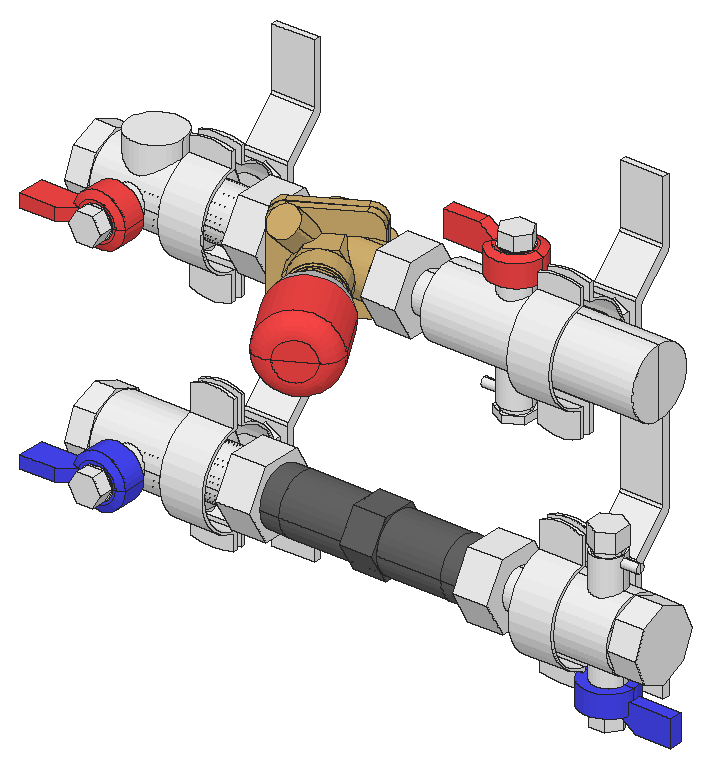
Revit family "AB-PM_DN15-20_Rack Set_RFA_1", category Pipe Accessories, Revit 2019 (continued)
Definition of nested family "Valve_R_T_End"
  Definition of nested family "Valve_Handle_R_B_End"
    Forms (mm)
      Revolve 1, solid, material <- "Material", visible <- "LOD 200", detail levels fine
        sketch origin (0, 0, 0) x (1, 0, 0) y (0, 0, 1)
          axis (0, 0) -> (0, 12.2)
        angle from 0 to 360
      Revolve 2, solid, material <- "Material", visible <- "LOD 350", detail levels fine
        sketch origin (0, 0, 0) x (1, 0, 0) y (0, 0, 1)
          loop
            line (0, 12.2) -> (-8.961, 12.2) -> (-12.3, 10.362) -> (-12.3, 0) -> (0, 0) -> (0, 12.2)
          axis (0, 0) -> (0, 12.2)
        angle from 0 to 360
      Extrusion 3, solid, material <- "Material", visible <- "20_200", detail levels fine
        sketch origin (0, 0, 0) x (1, 0, 0) y (0, 0, 1)
          loop
            line (0, 4.5) -> (31.819, 4.5) -> (31.819, 17) -> (12.3, 12.2) -> (0, 12.2) -> (0, 4.5)
        from -3 to 3
      Extrusion 4, solid, material <- "Material", visible <- "15_200", detail levels fine
        sketch origin (0, 0, 0) x (1, 0, 0) y (0, 0, 1)
          loop
            line (-31.976, 4.5) -> (0, 4.5) -> (0, 12.2) -> (-12.877, 12.2) -> (-31.976, 16.987) -> (-31.976, 4.5)
        from -3 to 3
      Extrusion 5, solid, material <- "Material", visible <- "20_350", detail levels fine
        sketch origin (0, 0, 0) x (1, 0, 0) y (0, 0, 1)
          loop
            line (0, 4.5) -> (31.819, 4.5) -> (31.819, 17) -> (15.397, 17) -> (8.197, 12.2) -> (0, 12.2) -> (0, 4.5)
        from -3 to 3
      Extrusion 6, solid, material <- "Material", visible <- "15_350", detail levels fine
        sketch origin (0, 0, 0) x (1, 0, 0) y (0, 0, 1)
          loop
            line (-31.976, 4.5) -> (0, 4.5) -> (0, 12.2) -> (-8.385, 12.2) -> (-15.566, 16.987) -> (-31.976, 16.987) -> (-31.976, 4.5)
        from -3 to 3
    Dimensions and locks
      "l1": plane 3 "Center (Left/Right)" to Revolve 1 sketch curve
      "h1": Revolve 1 sketch curve to level
      "l1": plane 3 "Center (Left/Right)" to Revolve 2 sketch curve
      "h1": Revolve 2 sketch curve to level
      aligned and locked: level to plane 2
      aligned and locked: plane 3 "Center (Left/Right)" to Revolve 1 sketch curve
      aligned and locked: Revolve 1 sketch curve to plane 3 "Center (Left/Right)"
      aligned and locked: Revolve 1 sketch curve to level
    Automatic sketch dimensions
      level to Extrusion 6 sketch curve = 12.2 mm
      Extrusion 6 sketch curve to plane 3 "Center (Left/Right)" = 0 mm
      Extrusion 6 sketch curve to plane 3 "Center (Left/Right)" = 8.385 mm
      Extrusion 6 sketch curve to Extrusion 6 sketch curve = 7.181 mm
      level to Extrusion 6 sketch curve = 4.5 mm
      Extrusion 6 sketch curve to Extrusion 6 sketch curve = 16.41 mm
      Extrusion 6 sketch curve to Extrusion 6 sketch curve = 4.787 mm
      Extrusion 4 sketch curve to plane 3 "Center (Left/Right)" = 0 mm
      level to Extrusion 4 sketch curve = 4.5 mm
      Extrusion 4 sketch curve to Extrusion 4 sketch curve = 7.7 mm
      Extrusion 4 sketch curve to plane 3 "Center (Left/Right)" = 12.877 mm
      Extrusion 4 sketch curve to Extrusion 4 sketch curve = 19.099 mm
      Extrusion 4 sketch curve to Extrusion 4 sketch curve = 12.487 mm
      Extrusion 5 sketch curve to plane 3 "Center (Left/Right)" = 0 mm
      Extrusion 5 sketch curve to Extrusion 5 sketch curve = 7.7 mm
      plane 3 "Center (Left/Right)" to Extrusion 5 sketch curve = 8.197 mm
      Extrusion 5 sketch curve to Extrusion 5 sketch curve = 7.2 mm
      Extrusion 5 sketch curve to Extrusion 5 sketch curve = 16.422 mm
      level to Extrusion 5 sketch curve = 4.5 mm
      Extrusion 5 sketch curve to Extrusion 5 sketch curve = 12.5 mm
      plane 3 "Center (Left/Right)" to Extrusion 3 sketch curve = 12.3 mm
      Extrusion 3 sketch curve to Extrusion 3 sketch curve = 19.519 mm
      Extrusion 3 sketch curve to Extrusion 3 sketch curve = 12.5 mm
      level to Extrusion 3 sketch curve = 4.5 mm
      Extrusion 3 sketch curve to plane 3 "Center (Left/Right)" = 0 mm
      Extrusion 3 sketch curve to Extrusion 3 sketch curve = 7.7 mm
      Revolve 1 sketch curve to Revolve 1 sketch curve = 17.8 mm
      Revolve 1 sketch curve to Revolve 1 sketch curve = 4 mm
      Revolve 2 sketch curve to level = 0 mm
      Revolve 2 sketch curve to plane 3 "Center (Left/Right)" = 0 mm  (x2)
      Revolve 2 sketch curve to Revolve 2 sketch curve = 3.339 mm
      Revolve 2 sketch curve to Revolve 2 sketch curve = 1.838 mm
      Revolve 2 sketch curve to Revolve 2 sketch curve = 17.8 mm
      Revolve 2 sketch curve to Revolve 2 sketch curve = 4 mm
  Definition of nested family "Schematic_Valve"
    Parameters (values of type "Schematic_Valve")
      L1 [instance] = 10 mm
      L [instance] = 68 mm
      H [instance] = 40 mm
      D [instance] = 16 mm
    Reference planes
      plane 1 "Center (Front/Back)": y = 0
      plane 2: z = 0
      plane 3 "Center (Left/Right)": x = 0
      plane 4: x = -34
      plane 5: x = 34
      plane 6: y = 20
      plane 7: y = -20
      plane 8: z = 20
      plane 9: z = -20
    Lines and regions (mm)
      model lines, detail levels coarse+medium
        curve 1: circle (0, 0, 0) r 8 normal (0, 0, 1)
        curve 4: line (-34, -20, 0) -> (-34, 20, 0)
        curve 5: line (-34, 20, 0) -> (-6.895, 4.056, 0)
        curve 6: line (-34, -20, 0) -> (-6.895, -4.056, 0)
        curve 7: line (6.895, 4.056, 0) -> (34, 20, 0)
        curve 8: line (34, 20, 0) -> (34, -20, 0)
        curve 9: line (34, -20, 0) -> (6.895, -4.056, 0)
        curve 10: line (-34, 0, 0) -> (-44, 0, 0)
      reference lines
        curve 2: line (-34, 20, 0) -> (34, -20, 0)
        curve 3: line (34, 20, 0) -> (-34, -20, 0)
        curve 11: line (-34, 0, 20) -> (34, 0, -20)
        curve 12: line (34, 0, 20) -> (-34, 0, -20)
      symbolic lines, detail levels coarse+medium
        curve 13: circle (0, 0, 0) r 8 normal (0, -1, 0)
        curve 14: line (-6.895, 0, -4.056) -> (-34, 0, -20)
        curve 15: line (-34, 0, -20) -> (-34, 0, 20)
        curve 16: line (-34, 0, 20) -> (-6.895, 0, 4.056)
        curve 17: line (6.895, 0, -4.056) -> (34, 0, -20)
        curve 18: line (34, 0, -20) -> (34, 0, 20)
        curve 19: line (34, 0, 20) -> (6.895, 0, 4.056)
    Dimensions and locks
      equal spacing: plane 4, plane 3 "Center (Left/Right)", plane 5
      equal spacing: plane 6, plane 1 "Center (Front/Back)", plane 7
      "L": plane 4 to plane 5
      "H": plane 6 to plane 7
      "L1": curve 10 to plane 4
      equal spacing: plane 8, level, plane 9
      "H": plane 8 to plane 9
      "D": diameter of curve 1
      "D": diameter of curve 13
      aligned and locked: level to plane 2
      aligned and locked: plane 4 to curve 2
      aligned and locked: plane 6 to curve 2
      aligned and locked: plane 5 to curve 3
      aligned and locked: plane 6 to curve 3
      aligned and locked: plane 7 to curve 2
      aligned and locked: plane 5 to curve 2
      aligned and locked: plane 4 to curve 3
      aligned and locked: plane 7 to curve 3
      aligned and locked: curve 5 to curve 2
      aligned and locked: curve 6 to curve 3
      aligned and locked: curve 9 to curve 2
      aligned and locked: curve 7 to curve 3
      aligned and locked: curve 10 to plane 1 "Center (Front/Back)"
      aligned and locked: plane 8 to curve 11
      aligned and locked: plane 4 to curve 11
      aligned and locked: plane 5 to curve 11
      aligned and locked: plane 9 to curve 11
      aligned and locked: plane 4 to curve 12
      aligned and locked: plane 9 to curve 12
      aligned and locked: plane 5 to curve 12
      aligned and locked: plane 8 to curve 12
      aligned and locked: curve 12 to curve 14
      aligned and locked: curve 16 to curve 11
      aligned and locked: curve 19 to curve 12
      aligned and locked: curve 11 to curve 17
    Automatic sketch dimensions
      curve 15 to plane 4 = 0 mm
      curve 13 to level = 0 mm
      curve 13 to plane 3 "Center (Left/Right)" = 0 mm
      curve 18 to plane 5 = 0 mm
      curve 4 to plane 4 = 0 mm
      plane 1 "Center (Front/Back)" to curve 1 = 0 mm
      curve 1 to plane 3 "Center (Left/Right)" = 0 mm
      curve 9 to plane 5 = 0 mm
Definition of nested family "AB-PM_DN10-DN32_External_RFA"
  Parameters (values of type "AB-PM_DN20_External_003Z1403")
    Max Pressure at Zero Load = "22 kPa"
    H_IT = -23.5 mm
    ang2D [instance] = 0.00°
    H_A2 = 18 mm
    L_TP = 13 mm
    Weight = 0.63 kg
    Valve Body Material = none
    URL = "https://store.danfoss.com/en/Climate-Solutions-for-heating/Hydronic-Balancing-and-Control/Differential-Pressure-Control/Differential-Pressure-Controllers/AB-PM/c/11379?q=%3Arelevance%3Adanfoss_producttypehierarchydesc%3A13d875d928784f5ca0d2daea9d250a06380cf56d%3Adanfoss_a50461501115_fts%3ATA6_1501121&text="
    H_TP = 32 mm
    TD = R_V1_1 * 2  # 34 mm
    Stroke = "2.25 mm"
    H_Plate__ve = -H_Plate  # -6 mm
    H_Plate = 6 mm
    R_Arc1 = 12 mm
    R_IT = 6 mm
    R_C = 18 mm
    R_B4 = 16.5 mm
    RN1 = 18.5 mm
    R_V1 = 13 mm
    R_TP = 7.2 mm
    Pressure Stage = "PN 16"  # constant formula
    Pressure Drop [instance] = 0.0 Pa
    Nominal Flow = "600 l/h"
    Model Type = "AB-PM_DN20_External"
    Model = "003Z1403"
    Min Medium Temperature = "-10 C"  # constant formula
    Min Differential Pressure = "18 kPa"
    Max Medium Temperature = "120 C"  # constant formula
    Max Differential Pressure = "400 kPa"  # constant formula
    Manufacturer = "Danfoss"  # constant formula
    H_A5 = 6 mm
    H_A4 = 4.5 mm
    L_IT = 8 mm
    LOD 350 [instance] = not(LOD 200)  # yes
    LOD 200 [instance] = no
    H_N2 = 9 mm
    H_N1 = 16 mm
    L1_2 = 31 mm
    L1 = 60 mm
    L3 = 3 mm
    L2 = 8 mm
    L_Plate = 56 mm
    L = 82 mm
    IfcExportType = "AB-PM"  # constant formula
    IfcExportAs = "IfcValveType"  # constant formula
    H_A = 16 mm
    HH = H1 + H2  # 110 mm
    H_A1 = 14.5 mm
    H2 = 31 mm
    H_A3 = 5 mm
    H1 = 79 mm
    GAP2 = 1 mm
    GAP = 0.5 mm
    Flow [instance] = 0.0 m³/h
    Description = "Automatic Balancing Valve"  # constant formula
    R_B2 = 12.7 mm
    R_B3 = 12.5 mm
    R_V1_1 = 17 mm
    Default Elevation = 1219.2 mm
    D = 20 mm
    Connection = "External Thread"  # constant formula
    R_N2 = R_B2 * cos(30.00°)  # 10.999 mm
    R_N1 = RN1 * cos(30.00°)  # 16.021 mm
    R_Arc2 = 16 mm
    R_B1 = 16 mm
    A_3 = 9 mm
    A_2 = 12.5 mm
    A_1 = 18.5 mm
    A = 30.00°
  Types (2, lengths in mm): name | H_IT | H_A2 | L_TP | Weight | H_TP | TD | H_Plate__ve | H_Plate | R_Arc1 | RN1 | R_V1 | Nominal Flow | Model Type | Model | H_A4 | L_IT | H_N2 | H_N1 | L1_2 | L1 | L3 | L2 | L_Plate | L | HH | H_A1 | H2 | H_A3 | H1 | R_B3 | R_V1_1 | D | R_N1 | R_Arc2 | A_3 | A_2 | A_1
    AB-PM_DN15_External_003Z1402 | -21 | 23.5 | 10 | 0.42 kg | 30 | 26.4 | -4 | 4 | 7 | 14.4 | 12 | "300 l/h" | "AB-PM_DN15_External" | "003Z1402" | 2 | 5 | 9.5 | 12.6 | 25.5 | 46.7 | 2.7 | 6.5 | 45 | 64.9 | 102 | 10 | 25 | 1 | 77 | 12 | 13.2 | 15 | 12.471 | 18 | 10 | 12 | 14.3
    AB-PM_DN20_External_003Z1403 | -23.5 | 18 | 13 | 0.63 kg | 32 | 34 | -6 | 6 | 12 | 18.5 | 13 | "600 l/h" | "AB-PM_DN20_External" | "003Z1403" | 4.5 | 8 | 9 | 16 | 31 | 60 | 3 | 8 | 56 | 82 | 110 | 14.5 | 31 | 5 | 79 | 12.5 | 17 | 20 | 16.021 | 16 | 9 | 12.5 | 18.5
  Reference planes
    plane 1 "Center (Front/Back)": y = 0
    plane 2 "XYPLANE": z = 0
    plane 3 "Center (Left/Right)": x = 0
    plane 4 "293": x = -13
    plane 5 "292": x = -13
    plane 6 "249": through (0, 464.569, 596.091) normal (0, -0.7071, 0.7071)
    plane 7 "248": through (0, 485.782, 574.878) normal (0, -0.7071, 0.7071)
    plane 8 "247": through (0, 486.489, 574.171) normal (0, -0.7071, 0.7071)
    plane 9 "246": through (0, 507.703, 552.958) normal (0, -0.7071, 0.7071)
    plane 10 "245": x = 0
    plane 11 "244": through (0, 530.33, -530.33) normal (0, 0.7071, 0.7071)
    plane 12 "243": through (0, 530.33, 530.33) normal (0, -0.7071, 0.7071)
    plane 13 "237": through (369.753, 0, 652.548) normal (0.866, 0, -0.5)
    plane 14 "236": through (0, 596.091, -464.569) normal (0, 0.7071, 0.7071)
    plane 15 "235": through (0, 574.878, -485.782) normal (0, 0.7071, 0.7071)
    plane 16 "234": through (0, 574.171, -486.489) normal (0, 0.7071, 0.7071)
    plane 17 "233": through (0, 552.958, -507.703) normal (0, 0.7071, 0.7071)
    plane 18 "228": through (0, 530.33, -530.33) normal (0, 0.7071, 0.7071)
    plane 19 "227": through (0, -530.33, -530.33) normal (0, 0.7071, -0.7071)
    plane 20 "226": x = 0
    plane 21 "202": through (-625.269, 0, 417.002) normal (0.5, 0, 0.866)
    plane 22 "201": through (-628.269, 0, 411.806) normal (0.5, 0, 0.866)
    plane 23 "200": through (-632.769, 0, 404.012) normal (0.5, 0, 0.866)
    plane 24 "199": through (-635.019, 0, 400.115) normal (0.5, 0, 0.866)
    plane 25 "198": through (-637.519, 0, 395.785) normal (0.5, 0, 0.866)
    plane 26 "197": through (-646.519, 0, 380.196) normal (0.5, 0, 0.866)
    plane 27 "195": through (-667.769, 0, 343.39) normal (0.5, 0, 0.866)
    plane 28 "194": through (-659.769, 0, 357.246) normal (0.5, 0, 0.866)
    plane 29 "193": through (-652.519, 0, 369.804) normal (0.5, 0, 0.866)
    plane 30 "189": through (-649.769, 0, 374.567) normal (0.5, 0, 0.866)
    plane 31 "96": through (-649.519, 0, 375) normal (0.5, 0, 0.866)
    plane 32 "95": y = 0
    plane 33 "93": through (370.619, 0, 652.048) normal (0.866, 0, -0.5)
    plane 34 "40": x = 32
    plane 35 "39": x = 29
    plane 36 "37": x = -31
    plane 37 "24": z = 0
    plane 38 "23": y = 0
    plane 39 "22": x = 0
    plane 40 "242XY": through (0, 530.33, 530.33) normal (0, -0.7071, 0.7071)
    plane 41 "242XZ": through (0, 530.33, -530.33) normal (0, 0.7071, 0.7071)
    plane 42 "242YZ": x = 0
    plane 43 "204XY": through (0, 530.33, -530.33) normal (0, 0.7071, 0.7071)
    plane 44 "204XZ": through (0, -530.33, -530.33) normal (0, 0.7071, -0.7071)
    plane 45 "204YZ": x = 0
    plane 46 "87XY": through (-649.519, 0, 375) normal (0.5, 0, 0.866)
    plane 47 "87XZ": y = 0
    plane 48 "87YZ": through (370.619, 0, 652.048) normal (0.866, 0, -0.5)
    plane 49 "203": through (-608.519, -1524, 446.014) normal (0.5, 0, 0.866)
    plane 50: through (354.598, -1524, 661.298) normal (0.866, 0, -0.5)
    plane 51: through (362.825, -1524, 656.548) normal (0.866, 0, -0.5)
    plane 52: through (359.794, -1524, 658.298) normal (0.866, 0, -0.5)
    plane 53 "192": through (356.763, -1524, 660.048) normal (0.866, 0, -0.5)
    plane 54: z = -31
    plane 55: z = 79
    plane 56 "E1": x = -42
    plane 57 "E2": x = 40
    plane 58 "38": x = -34
    plane 59: x = 8
    plane 60 "LN1": through (-638.519, -1524, 394.053) normal (0.5, 0, 0.866)
  Forms (mm)
    Extrusion 1, solid, material <- "Valve Body Material", detail levels fine
      sketch origin (-667.769, 0, 343.39) x (0.866025, 0, -0.5) y (0, 1, 0)
        loop
          circle (744.941, 0) r 1
      from 0 to 4.5 <- "H_A4"
    Revolve 2, solid, material <- "Valve Body Material", detail levels fine
      sketch origin (-8.083, 0, -12) x (0, 0, 1) y (1, 0, 0)
        loop
          arc (-16.581, -15.414) -> (-6.892, -22.144) -> (4.776, -20.405) r 16
          line (4.776, -20.405) -> (-2.724, -7.414) -> (-16.581, -15.414)
        axis (-17.081, -14.548) -> (-3.224, -6.548)
      angle from 0 to -360
    Extrusion 3, solid, material <- "Valve Body Material", visible <- "LOD 350", detail levels fine
      sketch origin (0, 530.33, 530.33) x (0, -0.707107, -0.707107) y (1, 0, 0)
        loop
          circle (750, -13) r 7.2
      from 0 to 32 <- "H_TP"
    Extrusion 4, solid, material <- "Valve Body Material", visible <- "LOD 350", detail levels fine
      sketch origin (0, 530.33, -530.33) x (0, -0.707107, 0.707107) y (1, 0, 0)
        loop
          circle (750, -13) r 7.2
      from 0 to 32 <- "H_TP"
    Extrusion 5, solid, material <- "Valve Body Material", detail levels fine
      sketch origin (-651.934, 0, 375.817) x (0.866025, 0, -0.5) y (0, 1, 0)
        loop
          line (763.441, 28) -> (731.441, 28)
          arc (731.441, 28) -> (722.956, 24.485) -> (719.441, 16) r 12
          line (719.441, 16) -> (719.441, -16)
          arc (719.441, -16) -> (722.956, -24.485) -> (731.441, -28) r 12
          line (731.441, -28) -> (763.441, -28)
          arc (763.441, -28) -> (771.927, -24.485) -> (775.441, -16) r 12
          line (775.441, -16) -> (775.441, 16)
          arc (775.441, 16) -> (771.927, 24.485) -> (763.441, 28) r 12
      from 0.2 to -6 <- "H_Plate__ve"
    Extrusion 6, solid, material <- "Valve Body Material", detail levels fine
      sketch origin (-10.25, 0, -17.754) x (0.866025, 0, -0.5) y (0, 1, 0)
        loop
          circle (-5.059, 0) r 16
      from 0 to 14.5
    Extrusion 7, solid, material <- "Valve Body Material", visible <- "LOD 350", detail levels fine
      sketch origin (-646.519, 0, 380.196) x (0.866025, 0, -0.5) y (0, 1, 0)
        loop
          line (726.441, 0) -> (735.691, -16.021) -> (754.191, -16.021) -> (763.441, 0) -> (754.191, 16.021) -> (735.691, 16.021) -> (726.441, 0)
      from 0 to 16 <- "H_N1"
    Extrusion 8, solid, material <- "Valve Body Material", visible <- "LOD 350", detail levels fine
      sketch origin (11, 0, 19.053) x (-0.866025, 0, 0.5) y (0, -1, 0)
        loop
          circle (5.059, 0) r 12.7
      from 0 to 2
    Extrusion 9, solid, material <- "Valve Body Material", visible <- "LOD 350", detail levels fine
      sketch origin (-635.019, 0, 400.115) x (0.866025, 0, -0.5) y (0, 1, 0)
        loop
          circle (744.941, 0) r 12.5
      from 0 to 4.5 <- "H_A4"
    Extrusion 10, solid, material <- "Valve Body Material", visible <- "LOD 350", detail levels fine
      sketch origin (-632.769, 0, 404.012) x (0.866025, 0, -0.5) y (0, 1, 0)
        loop
          line (735.386, -8.365) -> (747.408, -12.458) -> (756.964, -4.093) -> (754.497, 8.365) -> (742.474, 12.458) -> (732.919, 4.093) -> (735.386, -8.365)
      from 0 to 9 <- "H_N2"
    Extrusion 11, solid, visible <- "LOD 350", detail levels fine
      sketch origin (-628.51, 0, 411.945) x (0.866025, 0, -0.5) y (0, 1, 0)
        loop
          circle (745.219, 0) r 16.5
      from 0 to 6 <- "H_A5"
    Extrusion 12, solid, material <- "Valve Body Material", detail levels fine
      sketch origin (-651.684, 0, 376.25) x (0.866025, 0, -0.5) y (0, 1, 0)
        loop
          arc (731.441, 28) -> (722.956, 24.485) -> (719.441, 16) r 12
          line (719.441, 16) -> (719.441, -16)
          arc (719.441, -16) -> (722.956, -24.485) -> (731.441, -28) r 12
          line (731.441, -28) -> (763.441, -28)
          arc (763.441, -28) -> (771.927, -24.485) -> (775.441, -16) r 12
          line (775.441, -16) -> (775.441, 16)
          arc (775.441, 16) -> (771.927, 24.485) -> (763.441, 28) r 12
          line (763.441, 28) -> (731.441, 28)
      from 0 to 6 <- "H_Plate"
    Blend 13, solid, material <- "Valve Body Material", visible <- "LOD 350", detail levels fine
      base sketch origin (-635.019, 0, 400.115) x (0.866025, 0, -0.5) y (0, 1, 0)
        loop
          circle (744.941, 0) r 12.5
      top sketch origin (-635.019, 0, 400.115) x (0.866025, 0, -0.5) y (0, 1, 0)
        loop
          circle (744.941, 0) r 12.7
      from 0 to -5
    Extrusion 14, solid, material <- "Valve Body Material", detail levels fine
      sketch origin (40, 0, 0) x (0, 0, -1) y (0, -1, 0)
        loop
          circle (0, 0) r 17
      from 0 to 8
    Extrusion 15, solid, visible <- "LOD 200", detail levels fine
      sketch origin (-625.269, 0, 417.002) x (0.866025, 0, -0.5) y (0, 1, 0)
        loop
          circle (744.941, 0) r 18
      from 0 to 33.5
    Blend 16, solid, material <- "Valve Body Material", visible <- "LOD 350", detail levels fine
      base sketch origin (32, -750, 0) x (0, 1, 0) y (0, 0, 1)
        loop
          circle (750, 0) r 17
      top sketch origin (32, -750, 0) x (0, 1, 0) y (0, 0, 1)
        loop
          circle (750, 0) r 13
      from 0 to -3
    Blend 17, solid, material <- "Valve Body Material", visible <- "LOD 350", detail levels fine
      base sketch origin (-34, 0, 0) x (0, 1, 0) y (0, 0, 1)
        loop
          circle (0, 0) r 17
      top sketch origin (-34, 0, 0) x (0, 1, 0) y (0, 0, 1)
        loop
          circle (0, 0) r 13
      from 0 to 3
    Extrusion 18, solid, material <- "Valve Body Material", visible <- "LOD 350", detail levels fine
      sketch origin (0, 0, 0) x (0, 1, 0) y (0, 0, 1)
        loop
          circle (0, 0) r 13
      from -31 to 29
    Revolve 19, solid, material <- "Valve Body Material", visible <- "LOD 200", detail levels fine
      sketch origin (-8.083, 0, -12) x (0, 0, 1) y (1, 0, 0)
        loop
          line (42.832, -1.32) -> (39.832, 3.877) -> (62.782, 17.127) -> (56.532, 27.952) -> (19.726, 6.702) -> (28.976, -9.32) -> (42.832, -1.32)
        axis (56.532, 27.952) -> (19.726, 6.702)
      angle from 0 to 360
    Extrusion 20, solid, material <- "Valve Body Material", detail levels fine
      sketch origin (-42, 0, 0) x (0, 0, -1) y (0, -1, 0)
        loop
          circle (0, 0) r 17
      from 0 to -8
    Revolve 21, solid, visible <- "LOD 350", detail levels fine
      sketch origin (-8.083, 0, -12) x (0, 0, 1) y (1, 0, 0)
        loop
          line (56.532, 27.952) -> (85.543, 44.702) -> (81.043, 52.496)
          arc (81.043, 52.496) -> (76.49, 56.494) -> (70.436, 56.764) r 9.139
          line (70.436, 56.764) -> (47.532, 43.54) -> (56.532, 27.952)
        axis (85.543, 44.702) -> (56.532, 27.952)
      angle from 0 to 360
    Extrusion 22, solid, material <- "Valve Body Material", detail levels fine
      sketch origin (0, 0, 0) x (1, 0, 0) y (0, 1, 0)
        loop
          circle (8, 0) r 6
      from 0 to -23.5 <- "H_IT"
    Extrusion 23, solid, material <- "Valve Body Material", visible <- "LOD 200", detail levels fine
      sketch origin (-34, 0, 0) x (0, 1, 0) y (0, 0, 1)
        loop
          circle (0, 0) r 13
      from 0 to 66
  Lines and regions (mm)
    reference lines, not visible
      curve 1: circle (2, 2, 0) r 1 normal (0, 0, 1)
    reference lines
      curve 2: line (-33.35, 0, -4.417) -> (-23.497, 0, -28.581)
      curve 3: line (-13, -44.548, 44.548) -> (-11.34, -43.226, 45.87)
      curve 4: line (-13, -44.548, 44.548) -> (-13.789, -42.87, 46.225)
      curve 5: line (-13, -44.548, 44.548) -> (-15.449, -44.192, 44.903)
      curve 6: line (-13, -22.627, 22.627) -> (-11.34, -21.305, 23.949)
      curve 7: line (-13, -22.627, 22.627) -> (-13.789, -20.95, 24.305)
      curve 8: line (-13, -22.627, 22.627) -> (-15.449, -22.272, 22.983)
      curve 9: line (-13, 22.627, 22.627) -> (-11.34, 23.949, 21.305)
      curve 10: line (-13, 22.627, 22.627) -> (-13.789, 24.305, 20.95)
      curve 11: line (-13, 22.627, 22.627) -> (-15.449, 22.983, 22.272)
      curve 12: line (-13, 44.548, 44.548) -> (-11.34, 45.87, 43.226)
      curve 13: line (-13, 44.548, 44.548) -> (-13.789, 46.225, 42.87)
      curve 14: line (-13, 44.548, 44.548) -> (-15.449, 44.903, 44.192)
      curve 15: circle (-4.631, 0, 2.096) r 1 normal (-0.5, 0, -0.866)
      curve 16: line (-1.381, 0, 7.726) -> (0.892, 4.547, 6.413)
      curve 17: line (-1.381, 0, 7.726) -> (3.166, 0, 5.101)
      curve 18: line (-1.381, 0, 7.726) -> (0.892, -4.547, 6.413)
      curve 19: line (12.369, 0, 31.541) -> (11.612, 4.414, 31.978)
      curve 20: line (12.369, 0, 31.541) -> (15.301, 2.964, 29.848)
      curve 21: line (12.369, 0, 31.541) -> (16.058, -1.45, 29.411)
      curve 22: circle (-4.381, 0, 2.529) r 1 normal (0.5, 0, 0.866)
  Dimensions and locks
    plane 1 "Center (Front/Back)" to curve 1 = 2 mm
    "L_TP": plane 20 "226" to plane 4 "293"
    "L_TP": plane 10 "245" to plane 5 "292"
    plane 7 "248" to plane 6 "249" = 30 mm
    "GAP2": plane 8 "247" to plane 7 "248"
    plane 9 "246" to plane 8 "247" = 30 mm
    "H_TP": plane 12 "243" to plane 9 "246"
    locked: plane 39 "22" to plane 10 "245"
    locked: plane 41 "242XZ" to plane 11 "244"
    locked: plane 40 "242XY" to plane 12 "243" at 0
    "GAP2": plane 33 "93" to plane 13 "237"
    plane 15 "235" to plane 14 "236" = 30 mm
    "GAP2": plane 16 "234" to plane 15 "235"
    plane 17 "233" to plane 16 "234" = 30 mm
    "H_TP": plane 18 "228" to plane 17 "233"
    locked: plane 43 "204XY" to plane 18 "228"
    locked: plane 44 "204XZ" to plane 19 "227"
    locked: plane 39 "22" to plane 20 "226"
    "H_N2": plane 23 "200" to plane 22 "201"
    "H_A4": plane 24 "199" to plane 23 "200"
    "H_A3": plane 25 "198" to plane 24 "199"
    "H_A2": plane 26 "197" to plane 25 "198"
    "H_Plate": plane 31 "96" to plane 26 "197"
    "H_A": plane 28 "194" to plane 27 "195"
    "H_A1": plane 29 "193" to plane 28 "194"
    "H_Plate": plane 31 "96" to plane 29 "193"
    "GAP": plane 31 "96" to plane 30 "189"
    locked: plane 46 "87XY" to plane 31 "96" at 0
    locked: plane 38 "23" to plane 32 "95"
    locked: plane 48 "87YZ" to plane 33 "93" at 0
    "L3": plane 35 "39" to plane 34 "40"
    "L1_2": plane 39 "22" to plane 36 "37"
    locked: plane 2 "XYPLANE" to plane 37 "24"
    locked: plane 1 "Center (Front/Back)" to plane 38 "23"
    locked: plane 3 "Center (Left/Right)" to plane 39 "22"
    "L_Plate": Extrusion 5 sketch curve to Extrusion 5 sketch curve  (x2)
    Extrusion 5 sketch curve to curve 15 to Extrusion 5 sketch curve = 28 mm, 28 mm
    Extrusion 5 sketch curve to Extrusion 5 sketch curve = 16.971 mm  (x8)
    "R_N1": curve 16 to Extrusion 7 sketch curve  (x2)
    "R_N1": curve 17 to Extrusion 7 sketch curve  (x2)
    "R_N1": curve 18 to Extrusion 7 sketch curve  (x2)
    Extrusion 7 sketch curve to Extrusion 7 sketch curve = 0 mm  (x12)
    "R_N2": curve 19 to Extrusion 10 sketch curve  (x2)
    "R_N2": curve 20 to Extrusion 10 sketch curve  (x2)
    "R_N2": curve 21 to Extrusion 10 sketch curve  (x2)
    Extrusion 10 sketch curve to Extrusion 10 sketch curve = 0 mm  (x12)
    "L_Plate": Extrusion 12 sketch curve to Extrusion 12 sketch curve  (x2)
    Extrusion 12 sketch curve to curve 22 to Extrusion 12 sketch curve = 28 mm, 28 mm
    Extrusion 12 sketch curve to Extrusion 12 sketch curve = 16.971 mm  (x8)
    "L1": plane 36 "37" to plane 35 "39"
    equal spacing: Extrusion 5, plane 47 "87XZ", Extrusion 5
    equal spacing: Extrusion 12, plane 47 "87XZ", Extrusion 12
    equal spacing: Extrusion 5 sketch curve, plane 47 "87XZ", Extrusion 5 sketch curve
    equal spacing: Extrusion 12 sketch curve, plane 47 "87XZ", Extrusion 12 sketch curve
    equal spacing: Extrusion 12 sketch curve, plane 48 "87YZ", Extrusion 12 sketch curve
    equal spacing: Extrusion 5 sketch curve, plane 48 "87YZ", Extrusion 5 sketch curve
    "H_A5": plane 21 "202" to plane 22 "201"
    Extrusion 5 to Extrusion 5 = 56 mm
    "A_1": plane 48 "87YZ" to plane 50
    "A_2": plane 48 "87YZ" to plane 52
    "A_3": plane 48 "87YZ" to plane 51
    "R_B1": plane 48 "87YZ" to plane 53 "192"
    "H2": level to plane 54
    "H1": plane 55 to level
    plane 55 to plane 54 = 110 mm
    "L": plane 56 "E1" to plane 57 "E2"
    "L_IT": plane 45 "204YZ" to plane 59
    Revolve 21 sketch curve to Revolve 21 sketch curve = 18 mm
    Revolve 21 sketch curve to Extrusion 11 = 33.5 mm
    Revolve 21 sketch curve to Revolve 21 sketch curve = 9 mm
    locked: plane 49 "203" to plane 21 "202" at 33.5
    "H_N1": plane 60 "LN1" to plane 26 "197"
    plane 56 "E1" to plane 57 "E2" = 82 mm
    "L2": plane 56 "E1" to plane 58 "38"
    "L2": plane 34 "40" to plane 57 "E2"
    "GAP2": radius of Extrusion 1 sketch curve
    "R_TP": radius of Extrusion 3 sketch curve
    "R_TP": radius of Extrusion 4 sketch curve
    "R_B1": radius of Extrusion 6 sketch curve
    "R_B2": radius of Extrusion 8 sketch curve
    "R_B3": radius of Extrusion 9 sketch curve
    "R_B4": radius of Extrusion 11 sketch curve
    "R_B2": radius of Blend 13 sketch curve
    "R_B3": radius of Blend 13 sketch curve
    "R_V1_1": radius of Extrusion 14 sketch curve
    "R_C": radius of Extrusion 15 sketch curve
    "R_V1": radius of Blend 16 sketch curve
    "R_V1_1": radius of Blend 16 sketch curve
    "R_V1": radius of Blend 17 sketch curve
    "R_V1_1": radius of Blend 17 sketch curve
    "R_V1": radius of Extrusion 18 sketch curve
    "R_Arc1": radius of Extrusion 12 sketch curve  (x4)
    "R_Arc1": radius of Extrusion 5 sketch curve  (x4)
    "R_Arc2": radius of Revolve 2 sketch curve
    "R_V1_1": radius of Extrusion 20 sketch curve
    "R_IT": radius of Extrusion 22 sketch curve
    radius of Revolve 21 sketch curve = 9.139 mm
    "R_V1": radius of Extrusion 23 sketch curve
    locked: curve 4 to curve 3 (angle 60.00°)
    locked: curve 5 to curve 4 (angle 60.00°)
    locked: curve 5 to curve 3 (angle 120.00°)
    locked: curve 7 to curve 6 (angle 60.00°)
    locked: curve 8 to curve 7 (angle 60.00°)
    locked: curve 8 to curve 6 (angle 120.00°)
    locked: curve 10 to curve 9 (angle 60.00°)
    locked: curve 11 to curve 10 (angle 60.00°)
    locked: curve 11 to curve 9 (angle 120.00°)
    locked: curve 13 to curve 12 (angle 60.00°)
    locked: curve 14 to curve 13 (angle 60.00°)
    locked: curve 14 to curve 12 (angle 120.00°)
    locked: curve 17 to curve 16 (angle 60.00°)
    locked: curve 18 to curve 17 (angle 60.00°)
    locked: curve 18 to curve 16 (angle 120.00°)
    locked: curve 20 to curve 19 (angle 60.00°)
    locked: curve 21 to curve 20 (angle 60.00°)
    locked: curve 21 to curve 19 (angle 120.00°)
    aligned and locked: level to plane 2 "XYPLANE"
    aligned and locked: plane 32 "95" to Extrusion 1 sketch curve
    aligned and locked: Extrusion 1 sketch curve to plane 33 "93"
    aligned and locked: plane 28 "194" to curve 2
    aligned and locked: plane 13 "237" to curve 2
    aligned and locked: plane 27 "195" to curve 2
    aligned and locked: plane 13 "237" to Revolve 2 sketch curve
    aligned and locked: plane 27 "195" to Revolve 2 sketch curve
    aligned and locked: plane 28 "194" to Revolve 2 sketch curve  (x2)
    aligned and locked: plane 33 "93" to Revolve 2 sketch curve
    aligned and locked: plane 5 "292" to Extrusion 3 sketch curve
    aligned and locked: plane 11 "244" to Extrusion 3 sketch curve
    aligned and locked: plane 5 "292" to curve 4
    aligned and locked: plane 11 "244" to curve 4
    aligned and locked: plane 5 "292" to curve 7
    aligned and locked: plane 11 "244" to curve 8
    aligned and locked: plane 4 "293" to curve 10
    aligned and locked: plane 19 "227" to curve 11
    aligned and locked: plane 4 "293" to curve 13
    aligned and locked: plane 19 "227" to curve 13
    aligned and locked: plane 4 "293" to Extrusion 4 sketch curve
    aligned and locked: plane 19 "227" to Extrusion 4 sketch curve
    aligned and locked: plane 32 "95" to curve 15
    aligned and locked: curve 15 to plane 33 "93"
    aligned and locked: plane 32 "95" to Extrusion 6 sketch curve
    aligned and locked: Extrusion 6 sketch curve to plane 33 "93"
    aligned and locked: curve 16 to plane 33 "93"
    aligned and locked: plane 32 "95" to curve 17
    aligned and locked: plane 32 "95" to Extrusion 8 sketch curve
    aligned and locked: Extrusion 8 sketch curve to plane 33 "93"
    aligned and locked: plane 32 "95" to Extrusion 9 sketch curve
    aligned and locked: Extrusion 9 sketch curve to plane 33 "93"
    aligned and locked: curve 19 to plane 33 "93"
    aligned and locked: plane 32 "95" to curve 20
    aligned and locked: plane 32 "95" to Extrusion 11 sketch curve
    aligned and locked: Extrusion 11 sketch curve to plane 33 "93"
    aligned and locked: plane 32 "95" to curve 22
    aligned and locked: curve 22 to plane 33 "93"
    aligned and locked: plane 32 "95" to Blend 13 sketch curve  (x2)
    aligned and locked: Blend 13 sketch curve to plane 33 "93"  (x2)
    aligned and locked: Blend 13 to plane 25 "198"
    aligned and locked: plane 37 "24" to Extrusion 14 sketch curve
    aligned and locked: Extrusion 14 sketch curve to plane 38 "23"
    aligned and locked: plane 32 "95" to Extrusion 15 sketch curve
    aligned and locked: Extrusion 15 sketch curve to plane 33 "93"
    aligned and locked: plane 37 "24" to Blend 16 sketch curve  (x2)
    aligned and locked: Blend 16 sketch curve to plane 38 "23"  (x2)
    aligned and locked: Blend 16 to plane 35 "39"
    aligned and locked: plane 37 "24" to Blend 17 sketch curve  (x2)
    aligned and locked: Blend 17 sketch curve to plane 38 "23"  (x2)
    aligned and locked: plane 36 "37" to Blend 17
    aligned and locked: plane 37 "24" to Extrusion 18 sketch curve
    aligned and locked: Extrusion 18 sketch curve to plane 38 "23"
    aligned and locked: plane 50 to Revolve 19 sketch curve
    aligned and locked: Extrusion 7 to Revolve 19 sketch curve
    aligned and locked: plane 26 "197" to Revolve 19 sketch curve
    aligned and locked: plane 52 to Revolve 19 sketch curve
    aligned and locked: plane 21 "202" to Revolve 19 sketch curve
    aligned and locked: plane 53 "192" to Revolve 2 sketch curve
    aligned and locked: Blend 17 to plane 58 "38"
    aligned and locked: level to Extrusion 20 sketch curve
    aligned and locked: plane 1 "Center (Front/Back)" to Extrusion 20 sketch curve
    aligned and locked: Revolve 19 sketch curve to plane 33 "93"
    aligned and locked: plane 48 "87YZ" to Revolve 19 sketch curve
    aligned and locked: Revolve 19 sketch curve to plane 48 "87YZ"
    aligned and locked: plane 59 to Extrusion 22 sketch curve
    aligned and locked: plane 47 "87XZ" to Extrusion 22 sketch curve
    aligned and locked: plane 21 "202" to Revolve 21 sketch curve
    aligned and locked: plane 48 "87YZ" to Revolve 21 sketch curve
    aligned and locked: Revolve 21 sketch curve to plane 48 "87YZ"
    aligned and locked: plane 25 "198" to Extrusion 8
    aligned and locked: plane 29 "193" to Extrusion 6
    aligned and locked: Extrusion 20 to Blend 17
    aligned and locked: Extrusion 14 to plane 34 "40"
    aligned and locked: Extrusion 18 to plane 35 "39"
    aligned and locked: Extrusion 18 to plane 36 "37"
    aligned and locked: plane 47 "87XZ" to Extrusion 23 sketch curve
    aligned and locked: level to Extrusion 23 sketch curve
    aligned and locked: Extrusion 23 to plane 34 "40"
    aligned and locked: plane 56 "E1" to nested 1
    aligned and locked: plane 1 "Center (Front/Back)" to nested 1
  Automatic sketch dimensions
    plane 11 "244" to curve 5 = 0.503 mm
    plane 11 "244" to curve 8 = 0.503 mm
    curve 11 to plane 12 "243" = 0.503 mm
    curve 14 to plane 12 "243" = 0.503 mm
    plane 13 "237" to curve 19 = 0.126 mm
    plane 3 "Center (Left/Right)" to curve 1 = 2 mm
    curve 10 to plane 4 "293" = 0 mm
    curve 2 to plane 36 "37" = 2.35 mm
    plane 56 "E1" to Revolve 19 sketch curve = 349.881 mm
    Revolve 19 sketch curve to plane 57 "E2" = 347.119 mm
    Revolve 21 sketch curve to plane 49 "203" = 7.052 mm
    plane 56 "E1" to Revolve 21 sketch curve = 344.881 mm
    Revolve 21 sketch curve to plane 57 "E2" = 340.219 mm
    plane 36 "37" to Revolve 2 sketch curve = 0.939 mm
    radius of curve 15 = 1 mm
    radius of curve 22 = 1 mm
    radius of curve 1 = 1 mm
  Nested families
    nested 1: "Schematic_DPCV" at (-1, 0, 0), type "Schematic_DPCV", detail levels coarse+medium
      with L2 11.714 mm, L1 41 mm, L 82 mm, H2 10.25 mm, H1 41 mm, D 34 mm
  Definition of nested family "Schematic_DPCV"
    Parameters (values of type "Schematic_DPCV")
      L2 = L / 7  # 14.857 mm
      L1 = L / 2  # 52 mm
      L = 104 mm
      H2 = 1 / 4 * H1  # 13 mm
      H1 = L / 2  # 52 mm
      D = 42 mm
    Reference planes
      plane 1 "Center (Front/Back)": y = 0
      plane 2: z = 0
      plane 3 "Center (Left/Right)": x = 0
      plane 4: x = 26
      plane 5: x = -26
      plane 6: z = 21
      plane 7: z = -21
      plane 8: x = 52
      plane 9: x = -52
      plane 10: y = 21
      plane 11: y = -21
      plane 12: y = -52
      plane 13: z = -52
      plane 14: z = -39
      plane 15: y = -39
      plane 16: z = -26
      plane 17: y = -26
      plane 18: z = 52
      plane 19: x = 66.857
      plane 20: y = 52
    Lines and regions (mm)
      symbolic lines, detail levels coarse+medium
        curve 1: line (0, 0, 0) -> (-52, 0, 21)
        curve 2: line (-52, 0, 21) -> (-52, 0, -21)
        curve 3: line (-52, 0, -21) -> (0, 0, 0)
        curve 4: line (0, 0, 0) -> (52, 0, 21)
        curve 5: line (52, 0, 21) -> (52, 0, -21)
        curve 6: line (52, 0, -21) -> (0, 0, 0)
        curve 7: spline (-26, 0, -39) -> (-25.114, 0, -42.365) -> (-22.517, 0, -45.5) -> (-18.385, 0, -48.192) -> (-13, 0, -50.258) -> (-6.729, 0, -51.557) -> (0, 0, -52) -> (6.729, 0, -51.557) -> (13, 0, -50.258) -> (18.385, 0, -48.192) -> (22.517, 0, -45.5) -> (25.114, 0, -42.365) -> (26, 0, -39) -> (25.114, 0, -35.635) -> (22.517, 0, -32.5) -> (18.385, 0, -29.808) -> (13, 0, -27.742) -> (6.729, 0, -26.443) -> (0, 0, -26) -> (-6.729, 0, -26.443) -> (-13, 0, -27.742) -> (-18.385, 0, -29.808) -> (-22.517, 0, -32.5) -> (-25.114, 0, -35.635) -> (-26, 0, -39)
        curve 8: line (-26, 0, -39) -> (66.857, 0, -39)
        curve 9: line (0, 0, 0) -> (0, 0, -26)
        curve 10: line (0, 0, 0) -> (0, 0, 52)
        curve 11: line (-26, 0, 52) -> (26, 0, 52)
        curve 12: line (66.857, 0, -39) -> (66.857, 0, -28)
        curve 13: circle (66.857, 0, -26) r 2 normal (0, -1, 0)
      model lines, detail levels coarse+medium
        curve 14: line (52, 21, 0) -> (52, -21, 0)
        curve 15: line (-52, 21, 0) -> (-52, -21, 0)
        curve 16: line (-52, 21, 0) -> (0, 0, 0)
        curve 17: line (0, 0, 0) -> (-52, -21, 0)
        curve 18: line (0, 0, 0) -> (52, -21, 0)
        curve 19: line (0, 0, 0) -> (52, 21, 0)
        curve 20: line (-26, -39, 0) -> (66.857, -39, 0)
        curve 21: line (0, 0, 0) -> (0, -26, 0)
        curve 22: spline (0, -52, 0) -> (6.729, -51.557, 0) -> (13, -50.258, 0) -> (18.385, -48.192, 0) -> (22.517, -45.5, 0) -> (25.114, -42.365, 0) -> (26, -39, 0) -> (25.114, -35.635, 0) -> (22.517, -32.5, 0) -> (18.385, -29.808, 0) -> (13, -27.742, 0) -> (6.729, -26.443, 0) -> (0, -26, 0) -> (-6.729, -26.443, 0) -> (-13, -27.742, 0) -> (-18.385, -29.808, 0) -> (-22.517, -32.5, 0) -> (-25.114, -35.635, 0) -> (-26, -39, 0) -> (-25.114, -42.365, 0) -> (-22.517, -45.5, 0) -> (-18.385, -48.192, 0) -> (-13, -50.258, 0) -> (-6.729, -51.557, 0) -> (0, -52, 0)
        curve 23: line (0, 0, 0) -> (0, 52, 0)
        curve 24: line (-26, 52, 0) -> (26, 52, 0)
    Dimensions and locks
      equal spacing: plane 4, plane 3 "Center (Left/Right)", plane 5
      "D": plane 6 to plane 7
      equal spacing: plane 6, level, plane 7
      "L": plane 8 to plane 9
      equal spacing: plane 8, plane 3 "Center (Left/Right)", plane 9
      "D": plane 11 to plane 10
      equal spacing: plane 11, plane 1 "Center (Front/Back)", plane 10
      "H1": plane 12 to plane 1 "Center (Front/Back)"
      "H1": level to plane 13
      "H2": plane 14 to plane 13
      "H2": plane 12 to plane 15
      equal spacing: plane 16, plane 14, plane 13
      equal spacing: plane 12, plane 15, plane 17
      "L1": plane 4 to plane 5
      "H1": plane 18 to level
      "L2": plane 19 to plane 8
      "H1": plane 1 "Center (Front/Back)" to plane 20
      locked: plane 16 to curve 13
      locked: plane 19 to curve 13
      aligned and locked: level to plane 2
      aligned and locked: plane 5 to curve 22
      aligned and locked: plane 16 to curve 7
    Automatic sketch dimensions
      curve 17 to plane 9 = 0 mm
      curve 24 to plane 5 = 0 mm
      curve 23 to plane 3 "Center (Left/Right)" = 0 mm
      curve 22 to plane 3 "Center (Left/Right)" = 0 mm
      curve 24 to plane 4 = 0 mm
      curve 18 to plane 8 = 0 mm
      plane 12 to curve 22 = 0 mm
      plane 15 to curve 22 = 0 mm
      plane 17 to curve 21 = 0 mm
      plane 11 to curve 17 = 0 mm
      plane 11 to curve 18 = 0 mm
      plane 1 "Center (Front/Back)" to curve 17 = 0 mm
      plane 10 to curve 19 = 0 mm
      plane 10 to curve 15 = 0 mm
      plane 20 to curve 24 = 0 mm
      plane 20 to curve 23 = 0 mm
      curve 1 to plane 6 = 0 mm
      curve 1 to plane 9 = 0 mm
      curve 11 to plane 5 = 0 mm
      curve 7 to plane 5 = 0 mm
      curve 8 to plane 5 = 0 mm
      curve 10 to plane 3 "Center (Left/Right)" = 0 mm
      curve 7 to plane 3 "Center (Left/Right)" = 0 mm
      curve 11 to plane 4 = 0 mm
      curve 5 to plane 7 = 0 mm
      curve 5 to plane 8 = 0 mm
      curve 8 to plane 14 = 0 mm
      curve 8 to plane 19 = 0 mm
      curve 7 to plane 14 = 0 mm
      curve 3 to plane 7 = 0 mm
      curve 4 to level = 0 mm
      curve 5 to plane 6 = 0 mm
      curve 11 to plane 18 = 0 mm
      curve 10 to plane 18 = 0 mm
      curve 12 to plane 16 = 2 mm
      plane 15 to curve 20 = 0 mm
      curve 20 to plane 19 = 0 mm
      radius of curve 13 = 2 mm
Definition of nested family "Replacement piece"
  Parameters (values of type "15")
    h4 = 40 mm
    h5 = 9.5 mm
    h3 = 85.5 mm
    h2 = 95 mm
    h1 = 15 mm
    a3 = 27 mm
    a2 = 13.4 mm
    a1 = 13.221 mm
    Material = none
    LOD 350 [instance] = not(LOD 200)  # no
    LOD 200 [instance] = yes
    Default Elevation = 1219.2 mm
  Reference planes
    plane 1 "Center (Front/Back)": y = 0
    plane 2: z = 0
    plane 3 "Center (Left/Right)": x = 0
    plane 4 "001": z = 40
    plane 5: z = 95
    plane 6: z = 85.5
    plane 7: z = 9.5
  Forms (mm)
    Revolve 1, solid, material <- "Material", detail levels fine
      sketch origin (0, 0, 0) x (1, 0, 0) y (0, 0, 1)
        loop
          line (-13.4, 85.5) -> (-13.4, 55) -> (-13.4, 40) -> (-13.4, 9.5) -> (-13.221, 0) -> (0, 0) -> (0, 95) -> (-13.221, 95) -> (-13.4, 85.5)
        axis (0, 0) -> (0, 95)
      angle from 0 to 360
  Dimensions and locks
    "h4": plane 4 "001" to level
    "h5": plane 7 to level
    "h3": plane 6 to level
    "h2": plane 5 to level
    "a1": plane 3 "Center (Left/Right)" to Revolve 1 sketch curve  (x2)
    "a2": plane 3 "Center (Left/Right)" to Revolve 1 sketch curve  (x4)
    aligned and locked: level to plane 2
    aligned and locked: plane 3 "Center (Left/Right)" to Revolve 1 sketch curve
    aligned and locked: plane 3 "Center (Left/Right)" to nested 1
    aligned and locked: plane 1 "Center (Front/Back)" to nested 1
    aligned and locked: plane 5 to Revolve 1 sketch curve
    aligned and locked: plane 6 to Revolve 1 sketch curve
    aligned and locked: plane 4 "001" to Revolve 1 sketch curve
    aligned and locked: plane 7 to Revolve 1 sketch curve
  Automatic sketch dimensions
    Revolve 1 sketch curve to plane 3 "Center (Left/Right)" = 0 mm
    Revolve 1 sketch curve to level = 0 mm
    Revolve 1 sketch curve to plane 4 "001" = 15 mm
    Revolve 1 sketch curve to Revolve 1 sketch curve = 111.122 mm
    Revolve 1 sketch curve to Revolve 1 sketch curve = 19 mm
  Nested families
    nested 1: "Nut_6" at (0, 0, 40), Material <- "Material", h <- "h1", a <- "a3", visible <- "LOD 350", type "Nut_6"
      with h 15 mm, a 27 mm, Material none
  Definition of nested family "Nut_6"
    Parameters (values of type "Nut_6")
      h [instance] = 250 mm
      a [instance] = 50 mm
      Material [instance] = none
      Default Elevation = 1219.2 mm
    Reference planes
      plane 1 "Center (Front/Back)": y = 0
      plane 2: z = 0
      plane 3 "Center (Left/Right)": x = 0
      plane 4: through (-70.437, 122, 1200) normal (0.866, 0.5, 0)
      plane 5: through (70.437, 122, 1200) normal (0.866, -0.5, 0)
      plane 6: through (70.437, 122, 1200) normal (0.866, -0.5, 0)
      plane 7: through (-70.437, 122, 1200) normal (0.866, 0.5, 0)
      plane 8: through (-70.437, 122, 1200) normal (0.866, 0.5, 0)
      plane 9: y = 0
    Forms (mm)
      Extrusion 1, solid, material <- "Material", detail levels fine
        sketch origin (0, 0, 0) x (1, 0, 0) y (0, 1, 0)
          loop
            line (-14.434, 25) -> (-28.868, 0) -> (14.434, -25) -> (28.868, 0) -> (-14.434, 25)
        from 0 to 250 <- "h"
      Extrusion 2, solid, material <- "Material", detail levels fine
        sketch origin (0, 0, 0) x (-1, 0, 0) y (0, -1, 0)
          loop
            line (-14.434, -25) -> (28.868, 0) -> (14.434, 25) -> (-28.868, 0) -> (-14.434, -25)
        from 0 to 250 <- "h"
      Extrusion 3, solid, material <- "Material", detail levels fine
        sketch origin (0, 0, 0) x (-0.5, -0.866025, 0) y (0.866025, -0.5, 0)
          loop
            line (-14.434, -25) -> (28.868, 0) -> (14.434, 25) -> (-28.868, 0) -> (-14.434, -25)
        from 0 to 250 <- "h"
    Cuts and joins
      joined: Extrusion 1, Extrusion 2, Extrusion 3
    Dimensions and locks
      equal spacing: Extrusion 1 sketch curve, plane 5, Extrusion 1 sketch curve
      "a": Extrusion 1 sketch curve to Extrusion 1 sketch curve
      equal spacing: Extrusion 2 sketch curve, plane 7, Extrusion 2 sketch curve
      "a": Extrusion 2 sketch curve to Extrusion 2 sketch curve
      equal spacing: Extrusion 3 sketch curve, plane 9, Extrusion 3 sketch curve
      "a": Extrusion 3 sketch curve to Extrusion 3 sketch curve
      locked: plane 3 "Center (Left/Right)" to plane 4 (angle 30.00°)
      locked: plane 5 to plane 3 "Center (Left/Right)" (angle 30.00°)
      locked: plane 3 "Center (Left/Right)" to plane 8 (angle 30.00°)
      locked: plane 3 "Center (Left/Right)" to plane 7 (angle 30.00°)
      locked: plane 6 to plane 3 "Center (Left/Right)" (angle 30.00°)
      aligned and locked: level to plane 2
      aligned and locked: plane 1 "Center (Front/Back)" to plane 9
    Automatic sketch dimensions
      plane 1 "Center (Front/Back)" to Extrusion 1 sketch curve = 0 mm
      Extrusion 1 sketch curve to plane 4 = 0 mm
      plane 1 "Center (Front/Back)" to Extrusion 2 sketch curve = 0 mm
      Extrusion 2 sketch curve to plane 6 = 0 mm
      plane 8 to Extrusion 3 sketch curve = 0 mm  (x2)
Definition of nested family "Valve_R_T_Start"
  Parameters (values of type "DN_20")
    x = 1.5 mm
    r7 = 9.8 mm
    r6 = 18.5 mm
    r5 = 16.5 mm
    r4 = 12 mm
    r3 = 9 mm
    r2 = 18.5 mm
    r1 = 7.5 mm
    l6 = 5 mm
    l5 = 15 mm
    l4 = 12.2 mm
    l3 = 22.981 mm
    l2 = 20.22 mm
    l1 = 26.1 mm
    Valve_Handle_Type = Valve_Handle_R_B_End : 15
    Tube = yes
    Nar5 = 14.5 mm
    Nah6 = 5 mm
    Nah52 = 18 mm
    Nah4 = 3.5 mm
    Nah3 = 6.8 mm
    Nah2 = 10 mm
    Nah51 = 2.5 mm
    Na6 = 28 mm
    Na5 = 37.8 mm
    Na4 = 15 mm
    Na3 = 13 mm
    Na2 = 33 mm
    LOD 350 [instance] = not(LOD 200)  # yes
    LOD 200 [instance] = no
    L11 = 22.8 mm
    L1 = 60 mm
    H1 = 26.4 mm
    Default Elevation = 1219.2 mm
    D1 = 15 mm  # constant formula
    Ball valve handle [instance] = none
    Ball valve [instance] = none
  Types (2, lengths in mm): name | Nah52 | Na5 | L11
    DN_15 | 16 | 33 | 21.1
    DN_20 | 18 | 37.8 | 22.8
  Reference planes
    plane 1 "Center (Front/Back)": y = 0
    plane 2: z = 0
    plane 3 "Center (Left/Right)": x = 0
    plane 4 "001": x = 18.5
    plane 5 "004": x = -46.32
    plane 6 "002": y = -23.982
    plane 7 "valve handle": y = 22.981
    plane 8 "003": y = 35.181
    plane 9 "005": x = -26.1
    plane 10: z = 24
  Forms (mm)
    Revolve 1, solid, material <- "Ball valve", detail levels fine
      sketch origin (0, 0, 0) x (1, 0, 0) y (0, 1, 0)
        loop
          line (-46.32, 12) -> (-46.32, 0) -> (18.5, 0) -> (18.5, 16.5) -> (-26.1, 16.5) -> (-26.1, 12) -> (-46.32, 12)
        axis (-46.32, 0) -> (18.5, 0)
      angle from 0 to 360
    Revolve 2, solid, material <- "Ball valve", detail levels fine
      sketch origin (0, 0, 0) x (1, 0, 0) y (0, 1, 0)
        loop
          line (0, 0) -> (7.5, 0) -> (7.5, 35.181) -> (0, 35.181) -> (0, 0)
        axis (0, 35.181) -> (0, 0)
      angle from 0 to 360
    Revolve 3, solid, material <- "Ball valve", visible <- "LOD 350", detail levels fine
      sketch origin (0, 0, 0) x (1, 0, 0) y (0, 1, 0)
        loop
          line (18.5, 16.5) -> (-26.1, 16.5) -> (-27.9, 12) -> (-46.32, 12) -> (-46.32, 0) -> (18.5, 0) -> (18.5, 16.5)
        axis (18.5, 0) -> (-46.32, 0)
      angle from 0 to 360
    Extrusion 4, solid, material <- "Ball valve", detail levels fine
      sketch origin (0, 0, 0) x (1, 0, 0) y (0, 1, 0)
        loop
          circle (0, 0) r 12.74
      from 0 to 24
  Cuts and joins
    joined: Revolve 1, Revolve 2
  Dimensions and locks
    "l3": plane 1 "Center (Front/Back)" to plane 7 "valve handle"
    "l4": plane 7 "valve handle" to plane 8 "003"
    "r5": plane 1 "Center (Front/Back)" to Revolve 1 sketch curve
    "r4": plane 1 "Center (Front/Back)" to Revolve 1 sketch curve
    "r2": plane 3 "Center (Left/Right)" to plane 4 "001"
    "l1": plane 9 "005" to plane 3 "Center (Left/Right)"
    "r5": plane 1 "Center (Front/Back)" to Revolve 3 sketch curve
    "r4": Revolve 3 sketch curve to plane 1 "Center (Front/Back)"
    "l2": plane 5 "004" to plane 9 "005"
    "r1": plane 3 "Center (Left/Right)" to Revolve 2 sketch curve
    "x": nested 4 to plane 3 "Center (Left/Right)"
    locked: Revolve 3 sketch curve to plane 9 "005" at 1.8
    plane 6 "002" to plane 1 "Center (Front/Back)" = 23.982 mm
    locked: plane 10 to plane 2 at 24
    radius of Extrusion 4 sketch curve = 12.74 mm
    aligned and locked: level to plane 2
    aligned and locked: level to nested 1
    aligned and locked: nested 1 to plane 1 "Center (Front/Back)"
    aligned and locked: plane 3 "Center (Left/Right)" to nested 2
    aligned and locked: level to nested 2
    aligned and locked: Revolve 2 sketch curve to plane 3 "Center (Left/Right)"  (x2)
    aligned and locked: Revolve 2 sketch curve to plane 8 "003"
    aligned and locked: Revolve 3 sketch curve to plane 1 "Center (Front/Back)"
    aligned and locked: plane 1 "Center (Front/Back)" to Revolve 3 sketch curve
    aligned and locked: Revolve 3 sketch curve to plane 4 "001"
    aligned and locked: plane 5 "004" to Revolve 3 sketch curve
    aligned and locked: plane 1 "Center (Front/Back)" to nested 4
    aligned and locked: nested 3 to plane 5 "004"
    aligned and locked: plane 9 "005" to Revolve 3 sketch curve
    aligned and locked: plane 3 "Center (Left/Right)" to nested 5
    aligned and locked: nested 5 to plane 7 "valve handle"
    aligned and locked: nested 6 to plane 1 "Center (Front/Back)"
    aligned and locked: plane 1 "Center (Front/Back)" to Revolve 2 sketch curve
    aligned and locked: nested 6 to plane 2
    aligned and locked: plane 10 to Extrusion 4
    aligned and locked: nested 3 to plane 1 "Center (Front/Back)"
  Automatic sketch dimensions
    plane 1 "Center (Front/Back)" to Extrusion 4 sketch curve = 0 mm
    Extrusion 4 sketch curve to plane 3 "Center (Left/Right)" = 0 mm
    Revolve 1 sketch curve to plane 5 "004" = 0 mm
    Revolve 1 sketch curve to plane 9 "005" = 0 mm
    Revolve 1 sketch curve to plane 4 "001" = 0 mm
    plane 1 "Center (Front/Back)" to Revolve 1 sketch curve = 0 mm  (x2)
    Revolve 1 sketch curve to Revolve 1 sketch curve = 49.8 mm
    Revolve 1 sketch curve to Revolve 1 sketch curve = 7 mm
    Revolve 2 sketch curve to Revolve 2 sketch curve = 33 mm
    Revolve 2 sketch curve to Revolve 2 sketch curve = 6 mm
    Revolve 3 sketch curve to plane 4 "001" = 63.8 mm
    Revolve 3 sketch curve to Revolve 3 sketch curve = 6 mm
  Nested families
    nested 1: "Nut_8" at (18.5, 0, 0) x (0, 0, 1) z (1, 0, 0), h <- "Nah2", a <- "Na2", Material <- "Ball valve", type "Nut_8", detail levels fine
      with h 10 mm, a 33 mm, Material none
    nested 2: "Nut_6" at (0, 35.181, 0) x (1, 0, 0) z (0, 1, 0), h <- "Nah3", a <- "Na3", Material <- "Ball valve", type "Nut_6", detail levels fine
      with h 6.8 mm, a 13 mm, Material none
    nested 3: "Nut_6" at (-46.32, 0, 0) x (0, 1, 0) z (-1, 0, 0), h <- "Nah52", a <- "Na5", Material <- "Ball valve", type "Nut_6", detail levels fine
      with h 18 mm, a 37.8 mm, Material none
    nested 4: "Schematic_Valve" at (-1.5, 0, 0), D <- "D1", H <- "H1", L <- "L1", L1 <- "L11", type "Schematic_Valve"
      with L1 22.8 mm, L 60 mm, H 26.4 mm, D 15 mm
    nested 5: "Valve_Handle_R_B_End" at (0, 22.981, 0) x (-1, 0, 0) z (0, 1, 0), Material <- "Ball valve handle", type <- "Valve_Handle_Type", LOD 200 <- "LOD 200", type "15"
      with Material none, LOD 350 yes, LOD 200 no, 25_350 no, 25_200 no, 20_350 no, 20_200 no, 15_350 yes, 15_200 no
    nested 6: "Nut_8" at (-26.1, 0, 0) x (0, 1, 0) z (1, 0, 0), a <- "Na2", h <- "Nah2", Material <- "Ball valve", type "Nut_8", detail levels fine
      with h 10 mm, a 33 mm, Material none
  Definition of nested family "Nut_8"
    Parameters (values of type "Nut_8")
      h [instance] = 250 mm
      a [instance] = 244 mm
      Material [instance] = none
      Default Elevation = 1219.2 mm
    Reference planes
      plane 1 "Center (Front/Back)": y = 0
      plane 2: z = 0
      plane 3 "Center (Left/Right)": x = 0
      plane 4: through (-89.449, 215.949, 1200) normal (0.9239, 0.3827, 0)
      plane 5: through (215.949, 89.449, 1200) normal (0.3827, -0.9239, 0)
      plane 6: through (-215.949, 89.449, 1200) normal (0.3827, 0.9239, 0)
      plane 7: through (89.449, 215.949, 1200) normal (0.9239, -0.3827, 0)
    Forms (mm)
      Extrusion 1, solid, material <- "Material"
        sketch origin (0, 0, 0) x (1, 0, 0) y (0, 1, 0)
          loop
            line (0, 132.052) -> (-93.375, 93.375) -> (-132.052, 0) -> (-93.375, -93.375) -> (0, -132.052) -> (93.375, -93.375) -> (132.052, 0) -> (93.375, 93.375) -> (0, 132.052)
        from 0 to 250 <- "h"
    Dimensions and locks
      equal spacing: Extrusion 1 sketch curve, plane 4, Extrusion 1 sketch curve
      "a": Extrusion 1 sketch curve to Extrusion 1 sketch curve  (x4)
      equal spacing: Extrusion 1 sketch curve, plane 7, Extrusion 1 sketch curve
      equal spacing: Extrusion 1 sketch curve, plane 5, Extrusion 1 sketch curve
      equal spacing: Extrusion 1 sketch curve, plane 6, Extrusion 1 sketch curve
      aligned and locked: level to plane 2
  Definition of nested family "Nut_6"
    Parameters (values of type "Nut_6")
      h [instance] = 250 mm
      a [instance] = 13 mm
      Material [instance] = none
      Default Elevation = 1219.2 mm
    Reference planes
      plane 1 "Center (Front/Back)": y = 0
      plane 2: z = 0
      plane 3 "Center (Left/Right)": x = 0
      plane 4: through (-70.437, 122, 1200) normal (0.866, 0.5, 0)
      plane 5: through (70.437, 122, 1200) normal (0.866, -0.5, 0)
    Forms (mm)
      Extrusion 1, solid, material <- "Material"
        sketch origin (0, 0, 0) x (1, 0, 0) y (0, 1, 0)
          loop
            line (-3.753, 6.5) -> (-7.506, 0) -> (-3.753, -6.5) -> (3.753, -6.5) -> (7.506, 0) -> (3.753, 6.5) -> (-3.753, 6.5)
        from 0 to 250 <- "h"
    Dimensions and locks
      equal spacing: Extrusion 1 sketch curve, plane 4, Extrusion 1 sketch curve
      "a": Extrusion 1 sketch curve to Extrusion 1 sketch curve  (x3)
      equal spacing: Extrusion 1 sketch curve, plane 5, Extrusion 1 sketch curve
      equal spacing: Extrusion 1 sketch curve, plane 1 "Center (Front/Back)", Extrusion 1 sketch curve
      aligned and locked: level to plane 2
  Definition of nested family "Valve_Handle_R_B_End"
    Parameters (values of type "20")
      type = 20
      l1 = 12.3 mm
      h1 = 12.2 mm
      Material [instance] = none
      LOD 350 [instance] = not(LOD 200)  # yes
      LOD 200 [instance] = no
      Default Elevation = 1219.2 mm
      25_350 [instance] = and(LOD 350, type = 25)  # no
      25_200 [instance] = and(LOD 200, type = 25)  # no
      20_350 [instance] = and(LOD 350, type = 20)  # yes
      20_200 [instance] = and(LOD 200, type = 20)  # no
      15_350 [instance] = and(LOD 350, type = 15)  # no
      15_200 [instance] = and(LOD 200, type = 15)  # no
    Types (2, lengths in mm): name | type | 20_350 | 15_350
      15 | 15 | no | yes
      20 | 20 | yes | no
    Reference planes
      plane 1 "Center (Front/Back)": y = 0
      plane 2: z = 0
      plane 3 "Center (Left/Right)": x = 0
    Forms (mm)
      Revolve 1, solid, material <- "Material", visible <- "LOD 200", detail levels fine
        sketch origin (0, 0, 0) x (1, 0, 0) y (0, 0, 1)
          loop
            line (0, 12.2) -> (-12.3, 12.2) -> (-12.3, 0) -> (0, 0) -> (0, 12.2)
          axis (0, 0) -> (0, 12.2)
        angle from 0 to 360
      Revolve 2, solid, material <- "Material", visible <- "LOD 350", detail levels fine
        sketch origin (0, 0, 0) x (1, 0, 0) y (0, 0, 1)
          loop
            line (0, 12.2) -> (-8.961, 12.2) -> (-12.3, 10.362) -> (-12.3, 0) -> (0, 0) -> (0, 12.2)
          axis (0, 0) -> (0, 12.2)
        angle from 0 to 360
      Extrusion 3, solid, material <- "Material", visible <- "20_200", detail levels fine
        sketch origin (0, 0, 0) x (1, 0, 0) y (0, 0, 1)
          loop
            line (0, 4.5) -> (31.819, 4.5) -> (31.819, 17) -> (12.3, 12.2) -> (0, 12.2) -> (0, 4.5)
        from -3 to 3
      Extrusion 4, solid, material <- "Material", visible <- "15_200", detail levels fine
        sketch origin (0, 0, 0) x (1, 0, 0) y (0, 0, 1)
          loop
            line (-31.976, 4.5) -> (0, 4.5) -> (0, 12.2) -> (-12.877, 12.2) -> (-31.976, 16.987) -> (-31.976, 4.5)
        from -3 to 3
